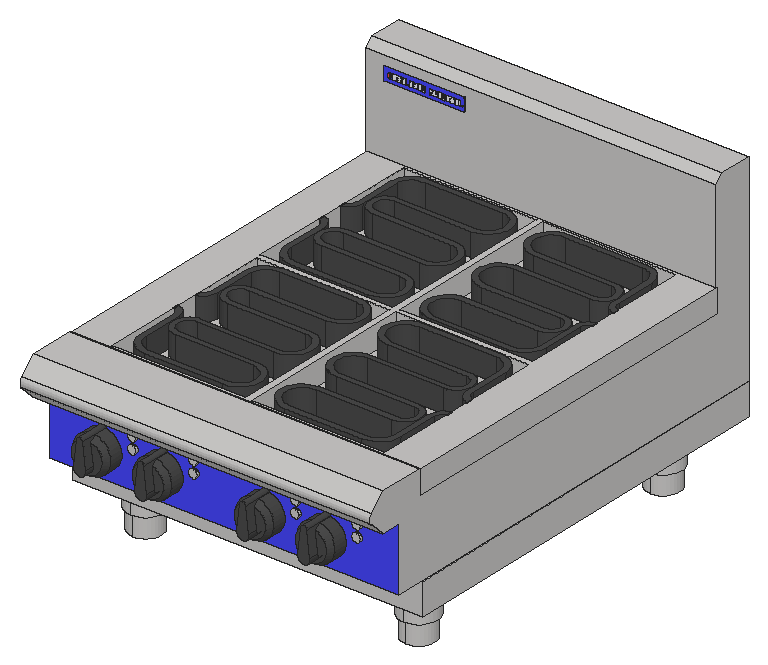
Revit family "QF_MOFFAT_BLUESEAL_CE_E514D-B", category Specialty Equipment, Revit 2012
Parameters
  Width [instance] = 600.0 mm  # constant formula
  Weight in Pounds = 162  # constant formula
  Watts = 9600 W
  Volts = 400 V
  URL Cutsheet = "www.moffat.com"
  URL = "www.moffat.com"
  Type Mark [instance] = ""
  Status [instance] = ""
  Specification by User [instance] = ""
  Specification by Manufacturer = ""
  Show Logo [instance] = yes
  Serial Number = ""
  Seismic Rating = ""
  SMACNA No = ""
  Revision Code [instance] = ""
  Phase = 3
  Omniclass Number and Title = ""
  Number of Poles = 1
  NAFEM Spec ID Number = ""
  Model = "E514D-B"
  Min Ckt Ampacity = 0 A
  Max Overcurrent Protection = 0 A
  Masterspec = ""
  Manufacturer = "MOFFAT BLUESEAL"
  Item Number [instance] = ""
  Installed By [instance] = ""
  Identify Quantity as Lot [instance] = yes
  Height [instance] = 370.0 mm  # constant formula
  HP = ""
  Furnished By [instance] = ""
  Foodservice Equipment Identifier [instance] = yes
  FL Amps = 20 A
  Electrical Remarks = "20A PER PHASE"
  Elec Conn RI Height = 0.0 mm
  Elec Conn Connection Height = 0.0 mm
  Description = "600MM ELECTRIC COOK TOP BENCH MOUNT"
  Depth [instance] = 812.0 mm  # constant formula
  Cycle = 50 Hz
  Conn Plug = ""
  Conn Conduit = yes
  CSI MasterFormat = ""
  CSI Master Format = ""
  Base Height [instance] = 85.0 mm
  Apparent Power = if(Phase = 3, Volts * FL Amps * 1.73, Volts * FL Amps)  # 13840 VA
Reference planes
  plane 1 "BACK": y = 0
  plane 2: z = 0
  plane 3 "LEFT": x = 0
  plane 4 "RIGHT": x = 600
  plane 5 "FRONT": y = -812
  plane 6 "TOP": z = 375
  plane 7 "Center Y": x = 300
  plane 8 "Center X": y = -406
  plane 9 "Base Height": z = 85
  plane 10: z = 485
  plane 11: y = -100
  plane 12: y = -625
Forms (mm)
  Extrusion 1, solid, material "QF_Finishes_Stainless Steel"
    sketch origin (0, 0, 0) x (0, 1, 0) y (0, 0, 1)
      loop
        line (0, 140) -> (0, 485) -> (-57.5, 485) -> (-70, 472.5) -> (-70, 275) -> (-705, 275) -> (-705, 315) -> (-783.97, 315) -> (-808.485, 290.485)
        arc (-808.485, 290.485) -> (-811.999, 282) -> (-808.485, 273.515) r 12
        line (-808.485, 273.515) -> (-784.97, 250) -> (-749, 250) -> (-749, 140) -> (0, 140)
      loop
        line (0, 85) -> (0, 139.206) -> (-699, 139.206) -> (-699, 85) -> (0, 85)
    from 0 to 600
  Revolve 2, solid, material "QF_Finishes_Stainless Steel"
    sketch origin (534.5, -210, 0) x (0, 1, 0) y (0, 0, -1)
      loop
        line (78.25, -85) -> (110, -85) -> (110, 0) -> (82.5, 0) -> (82.5, -35) -> (78.25, -35) -> (78.25, -85)
      axis (110, -85) -> (110, 0)
    angle from 0 to 360
  Revolve 3, solid, material "QF_Finishes_Stainless Steel"
    sketch origin (65.5, -210, 0) x (0, 1, 0) y (0, 0, 1)
      loop
        line (78.25, 85) -> (78.25, 35) -> (82.5, 35) -> (82.5, 0) -> (110, 0) -> (110, 85) -> (78.25, 85)
      axis (110, 85) -> (110, 0)
    angle from 0 to 360
  Extrusion 4, void
    sketch origin (0, -706, 139.206) x (0, 1, 0) y (-1, 0, 0)
      loop
        circle (674, -470) r 13.5
    from 0 to -86.704
  Revolve 5, solid, material "QF_Finishes_Black"
    sketch origin (98.995, 7, -7.2) x (0, 1, 0) y (0, 0, -1)
      loop
        line (-789, -234.5) -> (-766, -234.5) -> (-766, -207) -> (-756, -207) -> (-756, -202) -> (-800, -202) -> (-800, -228.651) -> (-789, -234.5)
      axis (-800, -202) -> (-756, -202)
    angle from 0 to 360
  Extrusion 6, solid, material "QF_Finishes_Black"
    sketch origin (237.265, 0, -7.042) x (-1, 0, 0) y (0, 0, -1)
      loop
        line (143.268, -233.955) -> (148.757, -189.87)
        arc (148.757, -189.87) -> (137.685, -179.371) -> (127.85, -191.037) r 10.487
        line (127.85, -191.037) -> (133.271, -233.955)
        arc (133.271, -233.955) -> (138.27, -238.842) -> (143.268, -233.955) r 5
    from 759 to 808
  Revolve 7, solid, material "QF_Finishes_Stainless Steel"
    sketch origin (534.5, -728, 0) x (0, 1, 0) y (0, 0, -1)
      loop
        line (71.25, -85) -> (103, -85) -> (103, 0) -> (75.5, 0) -> (75.5, -35) -> (71.25, -35) -> (71.25, -85)
      axis (103, -85) -> (103, 0)
    angle from 0 to 360
  Revolve 8, solid, material "QF_Finishes_Stainless Steel"
    sketch origin (65.5, -728, 0) x (0, 1, 0) y (0, 0, 1)
      loop
        line (71.25, 85) -> (71.25, 35) -> (75.5, 35) -> (75.5, 0) -> (103, 0) -> (103, 85) -> (71.25, 85)
      axis (103, 85) -> (103, 0)
    angle from 0 to 360
  Extrusion 9, solid, material "QF_Finishes_Stainless Steel"
    sketch origin (0, -706, 139.206) x (0, 1, 0) y (-1, 0, 0)
      loop
        circle (675, -469.75) r 6.35
    from 0 to -24.206
  Extrusion 10, solid, material "QF_Finishes_Stainless Steel"
    sketch origin (-35, -749, 250) x (0, 0, -1) y (1, 0, 0)
      loop
        circle (45.2, 179) r 7.15
      loop
        circle (25.2, 179) r 7.15
    from 0 to 3.2
  Revolve 11, solid, material "QF_Finishes_Black"
    sketch origin (203.995, 7, -7.2) x (0, 1, 0) y (0, 0, -1)
      loop
        line (-789, -234.5) -> (-766, -234.5) -> (-766, -207) -> (-756, -207) -> (-756, -202) -> (-800, -202) -> (-800, -228.651) -> (-789, -234.5)
      axis (-800, -202) -> (-756, -202)
    angle from 0 to 360
  Extrusion 12, solid, material "QF_Finishes_Black"
    sketch origin (342.265, 0, -7.042) x (-1, 0, 0) y (0, 0, -1)
      loop
        line (143.268, -233.955) -> (148.757, -189.87)
        arc (148.757, -189.87) -> (137.685, -179.371) -> (127.85, -191.037) r 10.487
        line (127.85, -191.037) -> (133.271, -233.955)
        arc (133.271, -233.955) -> (138.27, -238.842) -> (143.268, -233.955) r 5
    from 759 to 808
  Extrusion 13, solid, material "QF_Finishes_Stainless Steel"
    sketch origin (70, -749, 250) x (0, 0, -1) y (1, 0, 0)
      loop
        circle (45.2, 179) r 7.15
      loop
        circle (25.2, 179) r 7.15
    from 0 to 3.2
  Revolve 14, solid, material "QF_Finishes_Black"
    sketch origin (378.995, 7, -7.2) x (0, 1, 0) y (0, 0, -1)
      loop
        line (-789, -234.5) -> (-766, -234.5) -> (-766, -207) -> (-756, -207) -> (-756, -202) -> (-800, -202) -> (-800, -228.651) -> (-789, -234.5)
      axis (-800, -202) -> (-756, -202)
    angle from 0 to 360
  Extrusion 15, solid, material "QF_Finishes_Black"
    sketch origin (517.265, 0, -7.042) x (-1, 0, 0) y (0, 0, -1)
      loop
        line (143.268, -233.955) -> (148.757, -189.87)
        arc (148.757, -189.87) -> (137.685, -179.371) -> (127.85, -191.037) r 10.487
        line (127.85, -191.037) -> (133.271, -233.955)
        arc (133.271, -233.955) -> (138.27, -238.842) -> (143.268, -233.955) r 5
    from 759 to 808
  Extrusion 16, solid, material "QF_Finishes_Stainless Steel"
    sketch origin (245, -749, 250) x (0, 0, -1) y (1, 0, 0)
      loop
        circle (45.2, 179) r 7.15
      loop
        circle (25.2, 179) r 7.15
    from 0 to 3.2
  Revolve 17, solid, material "QF_Finishes_Black"
    sketch origin (483.995, 7, -7.2) x (0, 1, 0) y (0, 0, -1)
      loop
        line (-789, -234.5) -> (-766, -234.5) -> (-766, -207) -> (-756, -207) -> (-756, -202) -> (-800, -202) -> (-800, -228.651) -> (-789, -234.5)
      axis (-800, -202) -> (-756, -202)
    angle from 0 to 360
  Extrusion 18, solid, material "QF_Finishes_Black"
    sketch origin (622.265, 0, -7.042) x (-1, 0, 0) y (0, 0, -1)
      loop
        line (143.268, -233.955) -> (148.757, -189.87)
        arc (148.757, -189.87) -> (137.685, -179.371) -> (127.85, -191.037) r 10.487
        line (127.85, -191.037) -> (133.271, -233.955)
        arc (133.271, -233.955) -> (138.27, -238.842) -> (143.268, -233.955) r 5
    from 759 to 808
  Extrusion 19, solid, material "QF_Finishes_Stainless Steel"
    sketch origin (350, -749, 250) x (0, 0, -1) y (1, 0, 0)
      loop
        circle (45.2, 179) r 7.15
      loop
        circle (25.2, 179) r 7.15
    from 0 to 3.2
Cuts and joins
  joined: Revolve 5, Extrusion 6
  Extrusion 4 cuts Extrusion 1
Lines and regions (mm)
  Split face 1
    outline origin (600, 0, 485) x (-1, 0, 0) y (0, -1, 0)
      loop
        arc (556, 18.385) -> (564.66, 23.385) -> (564.66, 33.385) r 10
        line (564.66, 33.385) -> (560.619, 40.385)
        arc (560.619, 40.385) -> (556.959, 44.045) -> (551.959, 45.385) r 10
        line (551.959, 45.385) -> (324, 45.385)
        arc (324, 45.385) -> (315.34, 40.385) -> (315.34, 30.385) r 10
        line (315.34, 30.385) -> (319.381, 23.385)
        arc (319.381, 23.385) -> (323.041, 19.725) -> (328.041, 18.385) r 10
        line (328.041, 18.385) -> (556, 18.385)
  Split face 2
    outline origin (600, 0, 485) x (-1, 0, 0) y (0, -1, 0)
      loop
        arc (276, 18.385) -> (284.66, 23.385) -> (284.66, 33.385) r 10
        line (284.66, 33.385) -> (280.619, 40.385)
        arc (280.619, 40.385) -> (276.959, 44.045) -> (271.959, 45.385) r 10
        line (271.959, 45.385) -> (44, 45.385)
        arc (44, 45.385) -> (35.34, 40.385) -> (35.34, 30.385) r 10
        line (35.34, 30.385) -> (39.381, 23.385)
        arc (39.381, 23.385) -> (43.041, 19.725) -> (48.041, 18.385) r 10
        line (48.041, 18.385) -> (276, 18.385)
  symbolic lines
    curve 1: line (0, -812, 0) -> (600, -812, 0)
    curve 2: line (0, 0, 0) -> (0, -812, 0)
    curve 3: line (600, 0, 0) -> (0, 0, 0)
    curve 4: line (600, -812, 0) -> (600, 0, 0)
    curve 5: line (0, -57.5, 0) -> (600, -57.5, 0)
    curve 6: line (48.041, -45.385, 0) -> (276, -45.385, 0)
    curve 7: arc (276, -45.385, 0) -> (284.66, -40.385, 0) -> (284.66, -30.385, 0) r 10
    curve 8: line (284.66, -30.385, 0) -> (280.619, -23.385, 0)
    curve 9: arc (280.619, -23.385, 0) -> (276.959, -19.725, 0) -> (271.959, -18.385, 0) r 10
    curve 10: line (271.959, -18.385, 0) -> (44, -18.385, 0)
    curve 11: arc (44, -18.385, 0) -> (35.34, -23.385, 0) -> (35.34, -33.385, 0) r 10
    curve 12: line (35.34, -33.385, 0) -> (39.381, -40.385, 0)
    curve 13: arc (39.381, -40.385, 0) -> (43.041, -44.045, 0) -> (48.041, -45.385, 0) r 10
    curve 14: line (556, -45.385, 0) -> (328.041, -45.385, 0)
    curve 15: arc (328.041, -45.385, 0) -> (323.041, -44.045, 0) -> (319.381, -40.385, 0) r 10
    curve 16: line (319.381, -40.385, 0) -> (315.34, -33.385, 0)
    curve 17: arc (315.34, -33.385, 0) -> (315.34, -23.385, 0) -> (324, -18.385, 0) r 10
    curve 18: line (324, -18.385, 0) -> (551.959, -18.385, 0)
    curve 19: arc (551.959, -18.385, 0) -> (556.959, -19.725, 0) -> (560.619, -23.385, 0) r 10
    curve 20: line (560.619, -23.385, 0) -> (564.66, -30.385, 0)
    curve 21: arc (564.66, -30.385, 0) -> (564.66, -40.385, 0) -> (556, -45.385, 0) r 10
    curve 22: line (0, -70, 0) -> (600, -70, 0)
    curve 23: line (0, -783.97, 0) -> (600, -783.97, 0)
Dimensions and locks
  equal spacing: plane 3 "LEFT", plane 7 "Center Y", plane 4 "RIGHT"
  "Width": plane 3 "LEFT" to plane 4 "RIGHT"
  equal spacing: plane 5 "FRONT", plane 8 "Center X", plane 1 "BACK"
  "Depth": plane 5 "FRONT" to plane 1 "BACK"
  "Base Height": plane 9 "Base Height" to level
  locked: plane 6 "TOP" to plane 9 "Base Height" at 290
  plane 6 "TOP" to level = 375.0 mm
  locked: plane 10 to plane 2 at 485
  Extrusion 9 sketch curve to plane 1 "BACK" = 31.0 mm
  cut or joined group of Extrusion 1, Extrusion 4 to plane 2 = 315.0 mm
  aligned and locked: level to plane 2
  aligned and locked: Revolve 3 sketch curve to plane 9 "Base Height"
Automatic sketch dimensions
  curve 1 to plane 3 "LEFT" = 0.0 mm
  curve 5 to plane 4 "RIGHT" = 0.0 mm
  plane 5 "FRONT" to curve 1 = 0.0 mm
  plane 1 "BACK" to curve 4 = 0.0 mm
  plane 3 "LEFT" to curve 11 = 35.34 mm
  curve 12 to curve 13 = 4.041 mm
  curve 11 to curve 11 = 8.66 mm
  curve 12 to curve 13 = 8.66 mm
  curve 10 to plane 7 "Center Y" = 28.041 mm
  curve 9 to curve 7 = 4.041 mm
  curve 9 to curve 8 = 8.66 mm
  curve 8 to curve 8 = 4.041 mm
  plane 7 "Center Y" to curve 16 = 15.34 mm
  curve 16 to curve 16 = 4.041 mm
  curve 17 to curve 17 = 8.66 mm
  curve 16 to curve 14 = 8.66 mm
  plane 1 "BACK" to curve 19 = 18.385 mm
  plane 4 "RIGHT" to curve 19 = 48.041 mm
  curve 19 to curve 21 = 4.041 mm
  curve 19 to curve 19 = 8.66 mm
  curve 19 to curve 20 = 4.041 mm
  curve 23 to plane 5 "FRONT" = 28.03 mm
  plane 11 to curve 22 = 30.0 mm
  curve 22 to curve 5 = 12.5 mm
  plane 1 "BACK" to curve 6 = 45.385 mm
  curve 14 to curve 18 = 27.0 mm
  curve 6 to curve 12 = 5.0 mm
  curve 14 to curve 15 = 5.0 mm
  curve 6 to curve 7 = 10.0 mm
  curve 14 to curve 21 = 10.0 mm
  curve 13 to curve 12 = 7.0 mm
  curve 16 to curve 17 = 7.0 mm
  curve 7 to curve 9 = 7.0 mm
  curve 13 to curve 11 = 7.0 mm
  curve 21 to curve 19 = 7.0 mm
  Extrusion 1 sketch curve to plane 9 "Base Height" = 0.0 mm
  Extrusion 1 sketch curve to plane 10 = 0.0 mm
  Extrusion 1 sketch curve to plane 1 "BACK" = 0.0 mm  (x2)
  plane 11 to Extrusion 1 sketch curve = 42.5 mm
  Extrusion 1 sketch curve to plane 10 = 12.5 mm
  Extrusion 1 sketch curve to Extrusion 1 sketch curve = 12.5 mm
  Extrusion 1 sketch curve to plane 12 = 74.0 mm
  Extrusion 1 sketch curve to plane 12 = 80.0 mm
  Extrusion 1 sketch curve to Extrusion 1 sketch curve = 44.0 mm
  Extrusion 1 sketch curve to plane 5 "FRONT" = 28.03 mm
  Extrusion 1 sketch curve to plane 5 "FRONT" = 27.03 mm
  Extrusion 1 sketch curve to plane 5 "FRONT" = 12.001 mm
  Extrusion 1 sketch curve to plane 5 "FRONT" = 3.515 mm  (x2)
  plane 9 "Base Height" to Extrusion 1 sketch curve = 54.206 mm
  Extrusion 1 sketch curve to Extrusion 1 sketch curve = 0.794 mm
  Extrusion 1 sketch curve to Extrusion 1 sketch curve = 110.0 mm
  Extrusion 1 sketch curve to Extrusion 1 sketch curve = 23.515 mm
  Extrusion 1 sketch curve to Extrusion 1 sketch curve = 25.0 mm
  Extrusion 1 sketch curve to Extrusion 1 sketch curve = 8.485 mm
  Extrusion 1 sketch curve to Extrusion 1 sketch curve = 24.515 mm
  Revolve 2 sketch curve to plane 9 "Base Height" = 0.0 mm
  Revolve 2 sketch curve to level = 0.0 mm
  Revolve 2 sketch curve to plane 11 = 0.0 mm  (x2)
  Revolve 2 sketch curve to plane 11 = 27.5 mm
  Revolve 2 sketch curve to plane 11 = 31.75 mm
  Revolve 2 sketch curve to Revolve 2 sketch curve = 30.0 mm
  Revolve 2 sketch curve to Revolve 2 sketch curve = 20.0 mm
  Revolve 2 sketch curve to Revolve 2 sketch curve = 55.0 mm
  Revolve 3 sketch curve to level = 0.0 mm
  Revolve 3 sketch curve to plane 11 = 0.0 mm  (x2)
  Revolve 3 sketch curve to Revolve 3 sketch curve = 27.5 mm
  Revolve 3 sketch curve to Revolve 3 sketch curve = 31.75 mm
  Revolve 3 sketch curve to Revolve 3 sketch curve = 55.0 mm
  level to Revolve 3 sketch curve = 35.0 mm
  Revolve 3 sketch curve to plane 9 "Base Height" = 30.0 mm
  Extrusion 1 to Extrusion 4 sketch curve = 32.0 mm
  Extrusion 1 to Extrusion 4 sketch curve = 130.0 mm
  Revolve 5 sketch curve to plane 5 "FRONT" = 19.0 mm
  Revolve 5 sketch curve to Revolve 5 sketch curve = 0.0 mm  (x2)
  Revolve 5 sketch curve to Revolve 5 sketch curve = 11.0 mm
  Revolve 5 sketch curve to Revolve 5 sketch curve = 12.7 mm
  Revolve 5 sketch curve to Revolve 5 sketch curve = 23.0 mm
  Revolve 5 sketch curve to Revolve 5 sketch curve = 10.0 mm
  plane 9 "Base Height" to Revolve 5 sketch curve = 142.3 mm
  Revolve 5 sketch curve to Revolve 5 sketch curve = 5.849 mm
  Revolve 5 sketch curve to Revolve 5 sketch curve = 27.5 mm
  Revolve 5 sketch curve to Revolve 5 sketch curve = 5.0 mm
  plane 3 "LEFT" to Extrusion 6 sketch curve = 109.415 mm
  Extrusion 6 sketch curve to Extrusion 6 sketch curve = 5.421 mm
  Extrusion 6 sketch curve to Extrusion 6 sketch curve = 4.999 mm  (x2)
  Extrusion 6 sketch curve to Extrusion 6 sketch curve = 10.419 mm
  Extrusion 6 sketch curve to Extrusion 6 sketch curve = 10.487 mm
  plane 9 "Base Height" to Extrusion 6 sketch curve = 141.913 mm
  Extrusion 6 sketch curve to Extrusion 6 sketch curve = 0.113 mm
  Extrusion 6 sketch curve to Extrusion 6 sketch curve = 42.919 mm
  Extrusion 6 sketch curve to Extrusion 6 sketch curve = 1.167 mm
  Revolve 7 sketch curve to plane 9 "Base Height" = 0.0 mm
  Revolve 7 sketch curve to level = 0.0 mm
  Revolve 7 sketch curve to plane 12 = 0.0 mm  (x2)
  Revolve 7 sketch curve to plane 12 = 27.5 mm
  Revolve 7 sketch curve to Revolve 7 sketch curve = 31.75 mm
  Revolve 7 sketch curve to Revolve 7 sketch curve = 30.0 mm
  Revolve 7 sketch curve to Revolve 7 sketch curve = 20.0 mm
  Revolve 7 sketch curve to level = 55.0 mm
  Revolve 8 sketch curve to plane 9 "Base Height" = 0.0 mm
  Revolve 8 sketch curve to level = 0.0 mm
  Revolve 8 sketch curve to plane 12 = 0.0 mm  (x2)
  Revolve 8 sketch curve to Revolve 8 sketch curve = 27.5 mm
  Revolve 8 sketch curve to Revolve 8 sketch curve = 31.75 mm
  Revolve 8 sketch curve to level = 55.0 mm
  Revolve 8 sketch curve to Revolve 8 sketch curve = 35.0 mm
  Revolve 8 sketch curve to Revolve 8 sketch curve = 30.0 mm
  Extrusion 1 to Extrusion 9 sketch curve = 130.25 mm
  Split face 1 sketch curve to cut or joined group of Extrusion 1, Extrusion 4 = 27.115 mm
  Split face 1 sketch curve to cut or joined group of Extrusion 1, Extrusion 4 = 284.66 mm
  Split face 1 sketch curve to Split face 1 sketch curve = 4.041 mm  (x4)
  Split face 1 sketch curve to Split face 1 sketch curve = 8.66 mm  (x2)
  Split face 1 sketch curve to cut or joined group of Extrusion 1, Extrusion 4 = 12.115 mm
  Split face 1 sketch curve to cut or joined group of Extrusion 1, Extrusion 4 = 48.041 mm
  Split face 1 sketch curve to Split face 1 sketch curve = 7.0 mm  (x3)
  Split face 1 sketch curve to Split face 1 sketch curve = 17.0 mm
  Split face 2 sketch curve to cut or joined group of Extrusion 1, Extrusion 4 = 35.34 mm
  Split face 2 sketch curve to Split face 2 sketch curve = 4.041 mm  (x4)
  Split face 2 sketch curve to Split face 2 sketch curve = 8.66 mm  (x2)
  Split face 2 sketch curve to cut or joined group of Extrusion 1, Extrusion 4 = 12.115 mm
  Split face 2 sketch curve to Split face 2 sketch curve = 223.917 mm
  Split face 2 sketch curve to Split face 2 sketch curve = 5.0 mm
  Split face 2 sketch curve to Split face 2 sketch curve = 10.0 mm
  Split face 2 sketch curve to Split face 2 sketch curve = 7.0 mm  (x3)
  Extrusion 1 to Extrusion 10 sketch curve = 25.2 mm
  Extrusion 10 sketch curve to Extrusion 10 sketch curve = 20.0 mm
  Extrusion 1 to Extrusion 10 sketch curve = 144.0 mm
  Extrusion 10 sketch curve to Extrusion 10 sketch curve = 0.0 mm
  Revolve 11 sketch curve to plane 5 "FRONT" = 19.0 mm
  Revolve 11 sketch curve to Revolve 11 sketch curve = 0.0 mm  (x2)
  Revolve 11 sketch curve to Revolve 11 sketch curve = 11.0 mm
  Revolve 11 sketch curve to Revolve 11 sketch curve = 12.7 mm
  Revolve 11 sketch curve to Revolve 11 sketch curve = 23.0 mm
  Revolve 11 sketch curve to Revolve 11 sketch curve = 10.0 mm
  plane 9 "Base Height" to Revolve 11 sketch curve = 142.3 mm
  Revolve 11 sketch curve to Revolve 11 sketch curve = 5.849 mm
  Revolve 11 sketch curve to Revolve 11 sketch curve = 27.5 mm
  Revolve 11 sketch curve to Revolve 11 sketch curve = 5.0 mm
  Extrusion 12 sketch curve to plane 7 "Center Y" = 85.585 mm
  Extrusion 12 sketch curve to Extrusion 12 sketch curve = 5.421 mm
  Extrusion 12 sketch curve to Extrusion 12 sketch curve = 4.999 mm  (x2)
  Extrusion 12 sketch curve to Extrusion 12 sketch curve = 10.419 mm
  plane 9 "Base Height" to Extrusion 12 sketch curve = 97.828 mm
  Extrusion 12 sketch curve to Extrusion 12 sketch curve = 10.487 mm
  Extrusion 12 sketch curve to Extrusion 12 sketch curve = 1.167 mm
  Extrusion 12 sketch curve to Extrusion 12 sketch curve = 44.0 mm
  Extrusion 12 sketch curve to Extrusion 12 sketch curve = 0.113 mm
  Extrusion 1 to Extrusion 13 sketch curve = 25.2 mm
  Extrusion 13 sketch curve to Extrusion 13 sketch curve = 20.0 mm
  Extrusion 1 to Extrusion 13 sketch curve = 249.0 mm
  Extrusion 13 sketch curve to Extrusion 13 sketch curve = 0.0 mm
  Revolve 14 sketch curve to plane 5 "FRONT" = 19.0 mm
  Revolve 14 sketch curve to Revolve 14 sketch curve = 0.0 mm  (x2)
  Revolve 14 sketch curve to Revolve 14 sketch curve = 11.0 mm
  Revolve 14 sketch curve to Revolve 14 sketch curve = 12.7 mm
  Revolve 14 sketch curve to Revolve 14 sketch curve = 23.0 mm
  Revolve 14 sketch curve to Revolve 14 sketch curve = 10.0 mm
  plane 9 "Base Height" to Revolve 14 sketch curve = 142.3 mm
  Revolve 14 sketch curve to Revolve 14 sketch curve = 5.849 mm
  Revolve 14 sketch curve to Revolve 14 sketch curve = 27.5 mm
  Revolve 14 sketch curve to Revolve 14 sketch curve = 5.0 mm
  plane 7 "Center Y" to Extrusion 15 sketch curve = 89.415 mm
  Extrusion 15 sketch curve to Extrusion 15 sketch curve = 5.421 mm
  Extrusion 15 sketch curve to Extrusion 15 sketch curve = 4.999 mm  (x2)
  Extrusion 15 sketch curve to Extrusion 15 sketch curve = 10.419 mm
  Extrusion 15 sketch curve to Extrusion 15 sketch curve = 10.487 mm
  plane 9 "Base Height" to Extrusion 15 sketch curve = 141.913 mm
  Extrusion 15 sketch curve to Extrusion 15 sketch curve = 0.113 mm
  Extrusion 15 sketch curve to Extrusion 15 sketch curve = 42.919 mm
  Extrusion 15 sketch curve to Extrusion 15 sketch curve = 1.167 mm
  Extrusion 1 to Extrusion 16 sketch curve = 25.2 mm
  Extrusion 16 sketch curve to Extrusion 16 sketch curve = 20.0 mm
  Extrusion 1 to Extrusion 16 sketch curve = 176.0 mm
  Extrusion 16 sketch curve to Extrusion 16 sketch curve = 0.0 mm
  Revolve 17 sketch curve to plane 5 "FRONT" = 19.0 mm
  Revolve 17 sketch curve to Revolve 17 sketch curve = 0.0 mm  (x2)
  Revolve 17 sketch curve to Revolve 17 sketch curve = 11.0 mm
  Revolve 17 sketch curve to Revolve 17 sketch curve = 12.7 mm
  Revolve 17 sketch curve to Revolve 17 sketch curve = 23.0 mm
  Revolve 17 sketch curve to Revolve 17 sketch curve = 10.0 mm
  plane 9 "Base Height" to Revolve 17 sketch curve = 142.3 mm
  Revolve 17 sketch curve to Revolve 17 sketch curve = 5.849 mm
  Revolve 17 sketch curve to Revolve 17 sketch curve = 27.5 mm
  Revolve 17 sketch curve to Revolve 17 sketch curve = 5.0 mm
  plane 4 "RIGHT" to Extrusion 18 sketch curve = 105.585 mm
  Extrusion 18 sketch curve to Extrusion 18 sketch curve = 5.421 mm
  Extrusion 18 sketch curve to Extrusion 18 sketch curve = 4.999 mm  (x2)
  Extrusion 18 sketch curve to Extrusion 18 sketch curve = 10.419 mm
  plane 9 "Base Height" to Extrusion 18 sketch curve = 97.828 mm
  Extrusion 18 sketch curve to Extrusion 18 sketch curve = 10.487 mm
  Extrusion 18 sketch curve to Extrusion 18 sketch curve = 1.167 mm
  Extrusion 18 sketch curve to Extrusion 18 sketch curve = 44.0 mm
  Extrusion 18 sketch curve to Extrusion 18 sketch curve = 0.113 mm
  Extrusion 1 to Extrusion 19 sketch curve = 25.2 mm
  Extrusion 19 sketch curve to Extrusion 19 sketch curve = 20.0 mm
  Extrusion 1 to Extrusion 19 sketch curve = 71.0 mm
  Extrusion 19 sketch curve to Extrusion 19 sketch curve = 0.0 mm
  radius of Extrusion 4 sketch curve = 13.5 mm
  radius of Extrusion 9 sketch curve = 6.35 mm
  radius of Extrusion 10 sketch curve = 7.15 mm  (x2)
  radius of Extrusion 13 sketch curve = 7.15 mm  (x2)
  radius of Extrusion 16 sketch curve = 7.15 mm  (x2)
  radius of Extrusion 19 sketch curve = 7.15 mm  (x2)
Nested families
  nested 1: "WALDORF LOGO_FACE BASE" at (32, -70, 456.885) x (1, 0, 0) z (0, -1, 0), visible <- "Show Logo", type "WALDORF LOGO_FACE BASE", detail levels medium+fine
    with Show Logo yes
  nested 2: "ELECTRIC BURNER 600" at (2.329, -70, 275), type "ELECTRIC BURNER 600"
    with Type Mark "", Status "", Specification by User "", Revision Code "", Item Number "", Installed By "", Identify Quantity as Lot yes, Furnished By "", Foodservice Equipment Identifier yes
Connectors
  electrical at (469.75, -31, 115), driven by "Volts", driven by "Watts"
    settings: on Extrusion 9, index 1, voltage 400 V, apparent load 9600 VA, apparent load phase1 0 VA, apparent load phase2 0 VA, apparent load phase3 0 VA, power factor 1, load classification "Other", number of poles 1, system type 30, power factor state 1, is connector primary yes, connector utility no, sub classification motor no, connector description "ELECTRICAL CONNECTION"
Definition of nested family "WALDORF LOGO_FACE BASE"
  Parameters (values of type "WALDORF LOGO_FACE BASE")
    Show Logo [instance] = yes
    Default Elevation = 1219.2 mm
  Reference planes
    plane 1 "Center (Front/Back)": y = 0
    plane 2: z = 0
    plane 3 "Center (Left/Right)": x = 0
  Forms (mm)
    Extrusion 1, solid
      sketch origin (0, 0, 0) x (1, 0, 0) y (0, 1, 0)
        loop
          line (-1219.2, 1219.2) -> (-1219.2, -1219.2) -> (1219.2, -1219.2) -> (1219.2, 1219.2) -> (-1219.2, 1219.2)
      from 0 to -304.8
    Extrusion 2, solid, material "QF_Finishes_Blue", visible <- "Show Logo"
      sketch origin (0, -33.217, 0) x (1, 0, 0) y (0, 1, 0)
        loop
          arc (138, 31.942) -> (137.626, 32.844) -> (136.724, 33.217) r 1.276
          line (136.724, 33.217) -> (1.29, 33.217)
          arc (1.29, 33.217) -> (0.378, 32.839) -> (0, 31.927) r 1.29
          line (0, 31.927) -> (0, 11.507)
          arc (0, 11.507) -> (0.378, 10.595) -> (1.29, 10.217) r 1.29
          line (1.29, 10.217) -> (136.71, 10.217)
          arc (136.71, 10.217) -> (137.622, 10.595) -> (138, 11.507) r 1.29
          line (138, 11.507) -> (138, 31.942)
      from 0 to 1.588
    Extrusion 3, solid, material "QF_Finishes_White", visible <- "Show Logo"
      sketch origin (0, -33.217, 1.588) x (1, 0, 0) y (0, 1, 0)
        loop
          arc (108.946, 25.919) -> (107.613, 25.367) -> (107.061, 24.034) r 1.885
          line (107.061, 24.034) -> (107.061, 17.211) -> (112.704, 17.211) -> (112.704, 19.129) -> (115.546, 19.129) -> (115.546, 17.211) -> (121.584, 17.211) -> (121.584, 24.075)
          arc (121.584, 24.075) -> (121.043, 25.379) -> (119.739, 25.919) r 1.845
          line (119.739, 25.919) -> (108.946, 25.919)
        loop
          line (123.478, 25.919) -> (123.478, 17.163) -> (134.904, 17.163) -> (134.904, 19.129) -> (129.246, 19.129) -> (129.246, 25.919) -> (123.478, 25.919)
        loop
          line (112.704, 21.258) -> (115.546, 21.258) -> (115.546, 22.702)
          arc (115.546, 22.702) -> (115.344, 23.188) -> (114.858, 23.389) r 0.687
          line (114.858, 23.389) -> (113.363, 23.389)
          arc (113.363, 23.389) -> (112.897, 23.196) -> (112.704, 22.73) r 0.658
          line (112.704, 22.73) -> (112.704, 21.258)
        loop
          line (105.071, 25.919) -> (93.771, 25.919) -> (93.771, 17.163) -> (105.071, 17.163) -> (105.071, 19.063) -> (99.535, 19.063) -> (99.535, 20.437) -> (105.071, 20.437) -> (105.071, 22.278) -> (99.535, 22.278) -> (99.535, 23.587) -> (105.071, 23.587) -> (105.071, 25.919)
        loop
          line (91.104, 25.919) -> (79.541, 25.919)
          arc (79.541, 25.919) -> (78.558, 25.513) -> (78.152, 24.53) r 1.389
          line (78.152, 24.53) -> (78.152, 22.08)
          arc (78.152, 22.08) -> (78.558, 21.098) -> (79.541, 20.691) r 1.389
          line (79.541, 20.691) -> (86.346, 20.691) -> (86.346, 18.864) -> (83.266, 18.864) -> (83.266, 19.664) -> (78.152, 19.664) -> (78.152, 18.553)
          arc (78.152, 18.553) -> (78.558, 17.57) -> (79.541, 17.163) r 1.389
          line (79.541, 17.163) -> (91.063, 17.163)
          arc (91.063, 17.163) -> (92.045, 17.57) -> (92.452, 18.553) r 1.389
          line (92.452, 18.553) -> (92.452, 20.691)
          arc (92.452, 20.691) -> (92.045, 21.673) -> (91.063, 22.08) r 1.389
          line (91.063, 22.08) -> (83.266, 22.08) -> (83.266, 23.984) -> (86.346, 23.984) -> (86.346, 22.743) -> (92.452, 22.743) -> (92.452, 24.571)
          arc (92.452, 24.571) -> (92.057, 25.524) -> (91.104, 25.919) r 1.348
        loop
          line (70.705, 25.919) -> (59.405, 25.919) -> (59.405, 17.163) -> (70.705, 17.163) -> (70.705, 19.063) -> (65.169, 19.063) -> (65.169, 20.437) -> (70.705, 20.437) -> (70.705, 22.278) -> (65.169, 22.278) -> (65.169, 23.587) -> (70.705, 23.587) -> (70.705, 25.919)
        loop
          line (57.598, 25.919) -> (51.7, 25.919) -> (51.7, 20.18)
          arc (51.7, 20.18) -> (50.63, 19.11) -> (49.56, 20.18) r 1.07
          line (49.56, 20.18) -> (49.56, 25.919) -> (43.663, 25.919) -> (43.663, 19.049)
          arc (43.663, 19.049) -> (44.215, 17.716) -> (45.548, 17.163) r 1.885
          line (45.548, 17.163) -> (55.71, 17.163)
          arc (55.71, 17.163) -> (57.045, 17.716) -> (57.598, 19.051) r 1.887
          line (57.598, 19.051) -> (57.598, 25.919)
        loop
          line (31.62, 25.919) -> (31.62, 17.163) -> (43.046, 17.163) -> (43.046, 19.129) -> (37.388, 19.129) -> (37.388, 25.919) -> (31.62, 25.919)
        loop
          line (15.969, 25.919) -> (15.969, 17.163) -> (28.693, 17.163)
          arc (28.693, 17.163) -> (29.812, 17.627) -> (30.276, 18.746) r 1.582
          line (30.276, 18.746) -> (30.276, 20.447) -> (29.48, 21.243) -> (30.276, 22.039) -> (30.276, 24.332)
          arc (30.276, 24.332) -> (29.811, 25.454) -> (28.688, 25.919) r 1.587
          line (28.688, 25.919) -> (15.969, 25.919)
        loop
          line (21.449, 24.159) -> (21.449, 22.436) -> (23.862, 22.436)
          arc (23.862, 22.436) -> (24.723, 23.298) -> (23.862, 24.159) r 0.861
          line (23.862, 24.159) -> (21.449, 24.159)
        loop
          line (21.449, 20.244) -> (21.449, 18.522) -> (23.862, 18.522)
          arc (23.862, 18.522) -> (24.723, 19.383) -> (23.862, 20.244) r 0.861
          line (23.862, 20.244) -> (21.449, 20.244)
      from 0 to 0.2
    Extrusion 4, solid, material "QF_Finishes_Blue", visible <- "Show Logo"
      sketch origin (-126.498, -31.09, 1.588) x (1, 0, 0) y (0, 1, 0)
        loop
          line (136.738, 23.522) -> (136.738, 15.1)
          arc (136.738, 15.1) -> (140.756, 19.311) -> (136.738, 23.522) r 4.216
      from 0 to 0.2
    Extrusion 5, solid, material "QF_Finishes_Red", visible <- "Show Logo"
      sketch origin (146.849, -31.09, 1.588) x (-1, 0, 0) y (0, -1, 0)
        loop
          arc (136.738, -23.522) -> (140.756, -19.311) -> (136.738, -15.1) r 4.216
          line (136.738, -15.1) -> (136.738, -23.522)
      from 0 to 0.2
  Lines and regions (mm)
    Split face 1
      outline origin (-90.35, -30.793, 1.588) x (1, 0, 0) y (0, 1, 0)
        loop
          circle (100.54, 19.013) r 4.536
  Dimensions and locks
    aligned and locked: plane 2 to Extrusion 1
    aligned and locked: level to Extrusion 1
Definition of nested family "ELECTRIC BURNER 600"
  Parameters (values of type "ELECTRIC BURNER 600")
    Weight in Pounds = 0
    URL Cutsheet = ""
    Type Mark [instance] = ""
    Status [instance] = ""
    Specification by User [instance] = ""
    Specification by Manufacturer = ""
    Serial Number = ""
    Seismic Rating = ""
    SMACNA No = ""
    Revision Code [instance] = ""
    Omniclass Number and Title = ""
    NAFEM Spec ID Number = ""
    Masterspec = ""
    Item Number [instance] = ""
    Installed By [instance] = ""
    Identify Quantity as Lot [instance] = yes
    Furnished By [instance] = ""
    Foodservice Equipment Identifier [instance] = yes
    CSI MasterFormat = ""
    CSI Master Format = ""
  Reference planes
    plane 1 "BACK": y = 0
    plane 2: z = 0
    plane 3 "LEFT": x = 0
    plane 4 "RIGHT": x = 600
    plane 5 "FRONT": y = -635
    plane 6 "TOP": z = 142.5
    plane 7 "Center Y": x = 300
    plane 8 "Center X": y = -317.5
    plane 9: x = 65.8
  Forms (mm)
    Extrusion 1, solid, material "QF_Finishes_Stainless Steel"
      sketch origin (0, 1, 0) x (0, -1, 0) y (1, 0, 0)
        loop
          line (1, 0) -> (636, 0) -> (636, 600) -> (1, 600) -> (1, 0)
        loop
          line (631, 65.8) -> (631, 294.362) -> (321.251, 294.362) -> (321.251, 65.8) -> (631, 65.8)
        loop
          line (6, 294.362) -> (6, 65.8) -> (313.651, 65.8) -> (313.651, 294.362) -> (6, 294.362)
        loop
          line (6, 305.638) -> (313.651, 305.638) -> (313.651, 534.388) -> (6, 534.388) -> (6, 305.638)
        loop
          line (631, 534.388) -> (321.251, 534.388) -> (321.251, 305.638) -> (631, 305.638) -> (631, 534.388)
      from 0 to 40
    Extrusion 2, solid, material "QF_Finishes_Black"
      sketch origin (0, 15.7, 0) x (0, -1, 0) y (1, 0, 0)
        loop
          arc (156.993, 65.612) -> (148.172, 80.048) -> (132.304, 85.912) r 25.79
          line (132.304, 85.912) -> (61.096, 85.912)
          arc (61.096, 85.912) -> (42.545, 94.459) -> (35.45, 113.612) r 26.722
          line (35.45, 113.612) -> (35.45, 246.212)
          arc (35.45, 246.212) -> (63.15, 273.912) -> (90.85, 246.212) r 27.7
          line (90.85, 246.212) -> (90.85, 113.769)
          arc (90.85, 113.769) -> (118.55, 86.069) -> (146.25, 113.769) r 27.7
          line (146.25, 113.769) -> (146.25, 246.212)
          arc (146.25, 246.212) -> (173.95, 273.912) -> (201.65, 246.212) r 27.7
          line (201.65, 246.212) -> (201.65, 114.237)
          arc (201.65, 114.237) -> (229.35, 86.537) -> (257.05, 114.237) r 27.7
          line (257.05, 114.237) -> (257.05, 246.212)
          arc (257.05, 246.212) -> (284.75, 273.912) -> (312.45, 246.212) r 27.7
          line (312.45, 246.212) -> (312.45, 113.612)
          arc (312.45, 113.612) -> (305.355, 94.459) -> (286.804, 85.912) r 26.722
          line (286.804, 85.912) -> (215.596, 85.912)
          arc (215.596, 85.912) -> (199.705, 80.037) -> (190.819, 65.612) r 25.973
          line (190.819, 65.612) -> (201.232, 65.612)
          arc (201.232, 65.612) -> (206.91, 72.964) -> (215.719, 75.912) r 15.973
          line (215.719, 75.912) -> (286.986, 75.912)
          arc (286.986, 75.912) -> (312.551, 87.513) -> (322.45, 113.784) r 36.722
          line (322.45, 113.784) -> (322.45, 246.212)
          arc (322.45, 246.212) -> (284.75, 283.912) -> (247.05, 246.212) r 37.7
          line (247.05, 246.212) -> (247.05, 113.612)
          arc (247.05, 113.612) -> (229.35, 95.912) -> (211.65, 113.612) r 17.7
          line (211.65, 113.612) -> (211.65, 246.212)
          arc (211.65, 246.212) -> (173.95, 283.912) -> (136.25, 246.212) r 37.7
          line (136.25, 246.212) -> (136.25, 113.612)
          arc (136.25, 113.612) -> (118.55, 95.912) -> (100.85, 113.612) r 17.7
          line (100.85, 113.612) -> (100.85, 246.212)
          arc (100.85, 246.212) -> (63.15, 283.912) -> (25.45, 246.212) r 37.7
          line (25.45, 246.212) -> (25.45, 113.784)
          arc (25.45, 113.784) -> (35.349, 87.513) -> (60.914, 75.912) r 36.722
          line (60.914, 75.912) -> (132.193, 75.912)
          arc (132.193, 75.912) -> (140.976, 72.972) -> (146.6, 65.612) r 15.79
          line (146.6, 65.612) -> (156.993, 65.612)
        loop
          arc (469.581, 65.612) -> (460.695, 80.037) -> (444.804, 85.912) r 25.973
          line (444.804, 85.912) -> (373.596, 85.912)
          arc (373.596, 85.912) -> (355.045, 94.459) -> (347.95, 113.612) r 26.722
          line (347.95, 113.612) -> (347.95, 246.212)
          arc (347.95, 246.212) -> (375.65, 273.912) -> (403.35, 246.212) r 27.7
          line (403.35, 246.212) -> (403.35, 114.862)
          arc (403.35, 114.862) -> (431.05, 87.162) -> (458.75, 114.862) r 27.7
          line (458.75, 114.862) -> (458.75, 246.212)
          arc (458.75, 246.212) -> (486.45, 273.912) -> (514.15, 246.212) r 27.7
          line (514.15, 246.212) -> (514.15, 114.862)
          arc (514.15, 114.862) -> (541.85, 87.162) -> (569.55, 114.862) r 27.7
          line (569.55, 114.862) -> (569.55, 246.212)
          arc (569.55, 246.212) -> (597.25, 273.912) -> (624.95, 246.212) r 27.7
          line (624.95, 246.212) -> (624.95, 113.612)
          arc (624.95, 113.612) -> (617.855, 94.459) -> (599.304, 85.912) r 26.722
          line (599.304, 85.912) -> (528.096, 85.912)
          arc (528.096, 85.912) -> (511.987, 79.848) -> (503.282, 65) r 25.79
          line (503.282, 65) -> (513.588, 65)
          arc (513.588, 65) -> (519.162, 72.781) -> (528.207, 75.912) r 15.79
          line (528.207, 75.912) -> (599.486, 75.912)
          arc (599.486, 75.912) -> (625.051, 87.513) -> (634.95, 113.784) r 36.722
          line (634.95, 113.784) -> (634.95, 246.212)
          arc (634.95, 246.212) -> (597.25, 283.912) -> (559.55, 246.212) r 37.7
          line (559.55, 246.212) -> (559.55, 113.612)
          arc (559.55, 113.612) -> (541.85, 95.912) -> (524.15, 113.612) r 17.7
          line (524.15, 113.612) -> (524.15, 246.212)
          arc (524.15, 246.212) -> (486.45, 283.912) -> (448.75, 246.212) r 37.7
          line (448.75, 246.212) -> (448.75, 113.612)
          arc (448.75, 113.612) -> (431.05, 95.912) -> (413.35, 113.612) r 17.7
          line (413.35, 113.612) -> (413.35, 246.212)
          arc (413.35, 246.212) -> (375.65, 283.912) -> (337.95, 246.212) r 37.7
          line (337.95, 246.212) -> (337.95, 113.784)
          arc (337.95, 113.784) -> (347.849, 87.513) -> (373.414, 75.912) r 36.722
          line (373.414, 75.912) -> (444.681, 75.912)
          arc (444.681, 75.912) -> (453.49, 72.964) -> (459.168, 65.612) r 15.973
          line (459.168, 65.612) -> (469.581, 65.612)
        loop
          line (156.993, 534.388) -> (146.6, 534.388)
          arc (146.6, 534.388) -> (140.976, 527.028) -> (132.193, 524.088) r 15.79
          line (132.193, 524.088) -> (60.914, 524.088)
          arc (60.914, 524.088) -> (35.349, 512.487) -> (25.45, 486.216) r 36.722
          line (25.45, 486.216) -> (25.45, 353.788)
          arc (25.45, 353.788) -> (63.15, 316.088) -> (100.85, 353.788) r 37.7
          line (100.85, 353.788) -> (100.85, 486.388)
          arc (100.85, 486.388) -> (118.55, 504.088) -> (136.25, 486.388) r 17.7
          line (136.25, 486.388) -> (136.25, 353.788)
          arc (136.25, 353.788) -> (173.95, 316.088) -> (211.65, 353.788) r 37.7
          line (211.65, 353.788) -> (211.65, 486.388)
          arc (211.65, 486.388) -> (229.35, 504.088) -> (247.05, 486.388) r 17.7
          line (247.05, 486.388) -> (247.05, 353.788)
          arc (247.05, 353.788) -> (284.75, 316.088) -> (322.45, 353.788) r 37.7
          line (322.45, 353.788) -> (322.45, 486.216)
          arc (322.45, 486.216) -> (312.551, 512.487) -> (286.986, 524.088) r 36.722
          line (286.986, 524.088) -> (215.719, 524.088)
          arc (215.719, 524.088) -> (206.91, 527.036) -> (201.232, 534.388) r 15.973
          line (201.232, 534.388) -> (190.819, 534.388)
          arc (190.819, 534.388) -> (199.705, 519.963) -> (215.596, 514.088) r 25.973
          line (215.596, 514.088) -> (286.804, 514.088)
          arc (286.804, 514.088) -> (305.355, 505.541) -> (312.45, 486.388) r 26.722
          line (312.45, 486.388) -> (312.45, 353.788)
          arc (312.45, 353.788) -> (284.75, 326.088) -> (257.05, 353.788) r 27.7
          line (257.05, 353.788) -> (257.05, 485.763)
          arc (257.05, 485.763) -> (229.35, 513.463) -> (201.65, 485.763) r 27.7
          line (201.65, 485.763) -> (201.65, 353.788)
          arc (201.65, 353.788) -> (173.95, 326.088) -> (146.25, 353.788) r 27.7
          line (146.25, 353.788) -> (146.25, 486.231)
          arc (146.25, 486.231) -> (118.55, 513.931) -> (90.85, 486.231) r 27.7
          line (90.85, 486.231) -> (90.85, 353.788)
          arc (90.85, 353.788) -> (63.15, 326.088) -> (35.45, 353.788) r 27.7
          line (35.45, 353.788) -> (35.45, 486.388)
          arc (35.45, 486.388) -> (42.545, 505.541) -> (61.096, 514.088) r 26.722
          line (61.096, 514.088) -> (132.304, 514.088)
          arc (132.304, 514.088) -> (148.172, 519.952) -> (156.993, 534.388) r 25.79
        loop
          line (469.581, 534.388) -> (459.168, 534.388)
          arc (459.168, 534.388) -> (453.49, 527.036) -> (444.681, 524.088) r 15.973
          line (444.681, 524.088) -> (373.414, 524.088)
          arc (373.414, 524.088) -> (347.849, 512.487) -> (337.95, 486.216) r 36.722
          line (337.95, 486.216) -> (337.95, 353.788)
          arc (337.95, 353.788) -> (375.65, 316.088) -> (413.35, 353.788) r 37.7
          line (413.35, 353.788) -> (413.35, 486.388)
          arc (413.35, 486.388) -> (431.05, 504.088) -> (448.75, 486.388) r 17.7
          line (448.75, 486.388) -> (448.75, 353.788)
          arc (448.75, 353.788) -> (486.45, 316.088) -> (524.15, 353.788) r 37.7
          line (524.15, 353.788) -> (524.15, 486.388)
          arc (524.15, 486.388) -> (541.85, 504.088) -> (559.55, 486.388) r 17.7
          line (559.55, 486.388) -> (559.55, 353.788)
          arc (559.55, 353.788) -> (597.25, 316.088) -> (634.95, 353.788) r 37.7
          line (634.95, 353.788) -> (634.95, 486.216)
          arc (634.95, 486.216) -> (625.051, 512.487) -> (599.486, 524.088) r 36.722
          line (599.486, 524.088) -> (528.207, 524.088)
          arc (528.207, 524.088) -> (519.162, 527.219) -> (513.588, 535) r 15.79
          line (513.588, 535) -> (503.282, 535)
          arc (503.282, 535) -> (511.987, 520.152) -> (528.096, 514.088) r 25.79
          line (528.096, 514.088) -> (599.304, 514.088)
          arc (599.304, 514.088) -> (617.855, 505.541) -> (624.95, 486.388) r 26.722
          line (624.95, 486.388) -> (624.95, 353.788)
          arc (624.95, 353.788) -> (597.25, 326.088) -> (569.55, 353.788) r 27.7
          line (569.55, 353.788) -> (569.55, 485.138)
          arc (569.55, 485.138) -> (541.85, 512.838) -> (514.15, 485.138) r 27.7
          line (514.15, 485.138) -> (514.15, 353.788)
          arc (514.15, 353.788) -> (486.45, 326.088) -> (458.75, 353.788) r 27.7
          line (458.75, 353.788) -> (458.75, 485.138)
          arc (458.75, 485.138) -> (431.05, 512.838) -> (403.35, 485.138) r 27.7
          line (403.35, 485.138) -> (403.35, 353.788)
          arc (403.35, 353.788) -> (375.65, 326.088) -> (347.95, 353.788) r 27.7
          line (347.95, 353.788) -> (347.95, 486.388)
          arc (347.95, 486.388) -> (355.045, 505.541) -> (373.596, 514.088) r 26.722
          line (373.596, 514.088) -> (444.804, 514.088)
          arc (444.804, 514.088) -> (460.695, 519.963) -> (469.581, 534.388) r 25.973
      from 0 to 40
  Lines and regions (mm)
    symbolic lines
      curve 1: line (0, -635, 0) -> (600, -635, 0)
      curve 2: line (0, -635, 0) -> (65.8, -635, 0)
      curve 3: line (65.8, -635, 0) -> (65.8, -320.251, 0)
      curve 4: line (65.8, -320.251, 0) -> (294.362, -320.251, 0)
      curve 5: line (294.362, -634.701, 0) -> (305.638, -634.701, 0)
      curve 6: line (305.638, -320.251, 0) -> (534.388, -320.251, 0)
      curve 7: line (534.388, -320.251, 0) -> (534.388, -635, 0)
      curve 8: line (534.388, -635, 0) -> (600, -635, 0)
      curve 9: line (353.788, -19.75, 0) -> (486.388, -19.75, 0)
      curve 10: arc (486.388, -19.75, 0) -> (505.541, -26.845, 0) -> (514.088, -45.396, 0) r 26.722
      curve 11: line (514.088, -45.396, 0) -> (514.088, -116.604, 0)
      curve 12: arc (514.088, -116.604, 0) -> (519.952, -132.472, 0) -> (534.388, -141.293, 0) r 25.79
      curve 13: line (534.388, -141.293, 0) -> (534.388, -130.9, 0)
      curve 14: arc (534.388, -130.9, 0) -> (527.028, -125.276, 0) -> (524.088, -116.493, 0) r 15.79
      curve 15: line (524.088, -116.493, 0) -> (524.088, -45.214, 0)
      curve 16: arc (524.088, -45.214, 0) -> (512.487, -19.649, 0) -> (486.216, -9.75, 0) r 36.722
      curve 17: line (486.216, -9.75, 0) -> (353.788, -9.75, 0)
      curve 18: arc (353.788, -9.75, 0) -> (316.088, -47.45, 0) -> (353.788, -85.15, 0) r 37.7
      curve 19: line (353.788, -85.15, 0) -> (486.388, -85.15, 0)
      curve 20: arc (486.388, -85.15, 0) -> (504.088, -102.85, 0) -> (486.388, -120.55, 0) r 17.7
      curve 21: line (486.388, -120.55, 0) -> (353.788, -120.55, 0)
      curve 22: arc (353.788, -120.55, 0) -> (316.088, -158.25, 0) -> (353.788, -195.95, 0) r 37.7
      curve 23: line (353.788, -195.95, 0) -> (486.388, -195.95, 0)
      curve 24: arc (486.388, -195.95, 0) -> (504.088, -213.65, 0) -> (486.388, -231.35, 0) r 17.7
      curve 25: line (486.388, -231.35, 0) -> (353.788, -231.35, 0)
      curve 26: arc (353.788, -231.35, 0) -> (316.088, -269.05, 0) -> (353.788, -306.75, 0) r 37.7
      curve 27: line (353.788, -306.75, 0) -> (486.216, -306.75, 0)
      curve 28: arc (486.216, -306.75, 0) -> (512.487, -296.851, 0) -> (524.088, -271.286, 0) r 36.722
      curve 29: line (524.088, -271.286, 0) -> (524.088, -200.019, 0)
      curve 30: arc (524.088, -200.019, 0) -> (527.036, -191.21, 0) -> (534.388, -185.532, 0) r 15.973
      curve 31: line (534.388, -185.532, 0) -> (534.388, -175.119, 0)
      curve 32: arc (534.388, -175.119, 0) -> (519.963, -184.005, 0) -> (514.088, -199.896, 0) r 25.973
      curve 33: line (514.088, -199.896, 0) -> (514.088, -271.104, 0)
      curve 34: arc (514.088, -271.104, 0) -> (505.541, -289.655, 0) -> (486.388, -296.75, 0) r 26.722
      curve 35: line (486.388, -296.75, 0) -> (353.788, -296.75, 0)
      curve 36: arc (353.788, -296.75, 0) -> (326.088, -269.05, 0) -> (353.788, -241.35, 0) r 27.7
      curve 37: line (353.788, -241.35, 0) -> (485.763, -241.35, 0)
      curve 38: arc (485.763, -241.35, 0) -> (513.463, -213.65, 0) -> (485.763, -185.95, 0) r 27.7
      curve 39: line (485.763, -185.95, 0) -> (353.788, -185.95, 0)
      curve 40: arc (353.788, -185.95, 0) -> (326.088, -158.25, 0) -> (353.788, -130.55, 0) r 27.7
      curve 41: line (353.788, -130.55, 0) -> (486.231, -130.55, 0)
      curve 42: arc (486.231, -130.55, 0) -> (513.931, -102.85, 0) -> (486.231, -75.15, 0) r 27.7
      curve 43: line (486.231, -75.15, 0) -> (353.788, -75.15, 0)
      curve 44: arc (353.788, -75.15, 0) -> (326.088, -47.45, 0) -> (353.788, -19.75, 0) r 27.7
      curve 45: line (113.612, -19.75, 0) -> (246.212, -19.75, 0)
      curve 46: arc (246.212, -19.75, 0) -> (273.912, -47.45, 0) -> (246.212, -75.15, 0) r 27.7
      curve 47: line (246.212, -75.15, 0) -> (113.769, -75.15, 0)
      curve 48: arc (113.769, -75.15, 0) -> (86.069, -102.85, 0) -> (113.769, -130.55, 0) r 27.7
      curve 49: line (113.769, -130.55, 0) -> (246.212, -130.55, 0)
      curve 50: arc (246.212, -130.55, 0) -> (273.912, -158.25, 0) -> (246.212, -185.95, 0) r 27.7
      curve 51: line (246.212, -185.95, 0) -> (114.237, -185.95, 0)
      curve 52: arc (114.237, -185.95, 0) -> (86.537, -213.65, 0) -> (114.237, -241.35, 0) r 27.7
      curve 53: line (114.237, -241.35, 0) -> (246.212, -241.35, 0)
      curve 54: arc (246.212, -241.35, 0) -> (273.912, -269.05, 0) -> (246.212, -296.75, 0) r 27.7
      curve 55: line (246.212, -296.75, 0) -> (113.612, -296.75, 0)
      curve 56: arc (113.612, -296.75, 0) -> (94.459, -289.655, 0) -> (85.912, -271.104, 0) r 26.722
      curve 57: line (85.912, -271.104, 0) -> (85.912, -199.896, 0)
      curve 58: arc (85.912, -199.896, 0) -> (80.037, -184.005, 0) -> (65.612, -175.119, 0) r 25.973
      curve 59: line (65.612, -175.119, 0) -> (65.612, -185.532, 0)
      curve 60: arc (65.612, -185.532, 0) -> (72.964, -191.21, 0) -> (75.912, -200.019, 0) r 15.973
      curve 61: line (75.912, -200.019, 0) -> (75.912, -271.286, 0)
      curve 62: arc (75.912, -271.286, 0) -> (87.513, -296.851, 0) -> (113.784, -306.75, 0) r 36.722
      curve 63: line (113.784, -306.75, 0) -> (246.212, -306.75, 0)
      curve 64: arc (246.212, -306.75, 0) -> (283.912, -269.05, 0) -> (246.212, -231.35, 0) r 37.7
      curve 65: line (246.212, -231.35, 0) -> (113.612, -231.35, 0)
      curve 66: arc (113.612, -231.35, 0) -> (95.912, -213.65, 0) -> (113.612, -195.95, 0) r 17.7
      curve 67: line (113.612, -195.95, 0) -> (246.212, -195.95, 0)
      curve 68: arc (246.212, -195.95, 0) -> (283.912, -158.25, 0) -> (246.212, -120.55, 0) r 37.7
      curve 69: line (246.212, -120.55, 0) -> (113.612, -120.55, 0)
      curve 70: arc (113.612, -120.55, 0) -> (95.912, -102.85, 0) -> (113.612, -85.15, 0) r 17.7
      curve 71: line (113.612, -85.15, 0) -> (246.212, -85.15, 0)
      curve 72: arc (246.212, -85.15, 0) -> (283.912, -47.45, 0) -> (246.212, -9.75, 0) r 37.7
      curve 73: line (246.212, -9.75, 0) -> (113.784, -9.75, 0)
      curve 74: arc (113.784, -9.75, 0) -> (87.513, -19.649, 0) -> (75.912, -45.214, 0) r 36.722
      curve 75: line (75.912, -45.214, 0) -> (75.912, -116.493, 0)
      curve 76: arc (75.912, -116.493, 0) -> (72.972, -125.276, 0) -> (65.612, -130.9, 0) r 15.79
      curve 77: line (65.612, -130.9, 0) -> (65.612, -141.293, 0)
      curve 78: arc (65.612, -141.293, 0) -> (80.048, -132.472, 0) -> (85.912, -116.604, 0) r 25.79
      curve 79: line (85.912, -116.604, 0) -> (85.912, -45.396, 0)
      curve 80: arc (85.912, -45.396, 0) -> (94.459, -26.845, 0) -> (113.612, -19.75, 0) r 26.722
      curve 81: line (246.212, -387.65, 0) -> (114.862, -387.65, 0)
      curve 82: arc (114.862, -387.65, 0) -> (87.162, -415.35, 0) -> (114.862, -443.05, 0) r 27.7
      curve 83: line (114.862, -443.05, 0) -> (246.212, -443.05, 0)
      curve 84: arc (246.212, -443.05, 0) -> (273.912, -470.75, 0) -> (246.212, -498.45, 0) r 27.7
      curve 85: line (246.212, -498.45, 0) -> (114.862, -498.45, 0)
      curve 86: arc (114.862, -498.45, 0) -> (87.162, -526.15, 0) -> (114.862, -553.85, 0) r 27.7
      curve 87: line (114.862, -553.85, 0) -> (246.212, -553.85, 0)
      curve 88: arc (246.212, -553.85, 0) -> (273.912, -581.55, 0) -> (246.212, -609.25, 0) r 27.7
      curve 89: line (246.212, -609.25, 0) -> (113.612, -609.25, 0)
      curve 90: arc (113.612, -609.25, 0) -> (94.459, -602.155, 0) -> (85.912, -583.604, 0) r 26.722
      curve 91: line (85.912, -583.604, 0) -> (85.912, -512.396, 0)
      curve 92: arc (85.912, -512.396, 0) -> (79.848, -496.287, 0) -> (65, -487.582, 0) r 25.79
      curve 93: line (65, -487.582, 0) -> (65, -497.888, 0)
      curve 94: arc (65, -497.888, 0) -> (72.781, -503.462, 0) -> (75.912, -512.507, 0) r 15.79
      curve 95: line (75.912, -512.507, 0) -> (75.912, -583.786, 0)
      curve 96: arc (75.912, -583.786, 0) -> (87.513, -609.351, 0) -> (113.784, -619.25, 0) r 36.722
      curve 97: line (113.784, -619.25, 0) -> (246.212, -619.25, 0)
      curve 98: arc (246.212, -619.25, 0) -> (283.912, -581.55, 0) -> (246.212, -543.85, 0) r 37.7
      curve 99: line (246.212, -543.85, 0) -> (113.612, -543.85, 0)
      curve 100: arc (113.612, -543.85, 0) -> (95.912, -526.15, 0) -> (113.612, -508.45, 0) r 17.7
      curve 101: line (113.612, -508.45, 0) -> (246.212, -508.45, 0)
      curve 102: arc (246.212, -508.45, 0) -> (283.912, -470.75, 0) -> (246.212, -433.05, 0) r 37.7
      curve 103: line (246.212, -433.05, 0) -> (113.612, -433.05, 0)
      curve 104: arc (113.612, -433.05, 0) -> (95.912, -415.35, 0) -> (113.612, -397.65, 0) r 17.7
      curve 105: line (113.612, -397.65, 0) -> (246.212, -397.65, 0)
      curve 106: arc (246.212, -397.65, 0) -> (283.912, -359.95, 0) -> (246.212, -322.25, 0) r 37.7
      curve 107: line (246.212, -322.25, 0) -> (113.784, -322.25, 0)
      curve 108: arc (113.784, -322.25, 0) -> (87.513, -332.149, 0) -> (75.912, -357.714, 0) r 36.722
      curve 109: line (75.912, -357.714, 0) -> (75.912, -428.981, 0)
      curve 110: arc (75.912, -428.981, 0) -> (72.964, -437.79, 0) -> (65.612, -443.468, 0) r 15.973
      curve 111: line (65.612, -443.468, 0) -> (65.612, -453.881, 0)
      curve 112: arc (65.612, -453.881, 0) -> (80.037, -444.995, 0) -> (85.912, -429.104, 0) r 25.973
      curve 113: line (85.912, -429.104, 0) -> (85.912, -357.896, 0)
      curve 114: arc (85.912, -357.896, 0) -> (94.459, -339.345, 0) -> (113.612, -332.25, 0) r 26.722
      curve 115: line (113.612, -332.25, 0) -> (246.212, -332.25, 0)
      curve 116: arc (246.212, -332.25, 0) -> (273.912, -359.95, 0) -> (246.212, -387.65, 0) r 27.7
      curve 117: line (353.788, -397.65, 0) -> (486.388, -397.65, 0)
      curve 118: arc (486.388, -397.65, 0) -> (504.088, -415.35, 0) -> (486.388, -433.05, 0) r 17.7
      curve 119: line (486.388, -433.05, 0) -> (353.788, -433.05, 0)
      curve 120: arc (353.788, -433.05, 0) -> (316.088, -470.75, 0) -> (353.788, -508.45, 0) r 37.7
      curve 121: line (353.788, -508.45, 0) -> (486.388, -508.45, 0)
      curve 122: arc (486.388, -508.45, 0) -> (504.088, -526.15, 0) -> (486.388, -543.85, 0) r 17.7
      curve 123: line (486.388, -543.85, 0) -> (353.788, -543.85, 0)
      curve 124: arc (353.788, -543.85, 0) -> (316.088, -581.55, 0) -> (353.788, -619.25, 0) r 37.7
      curve 125: line (353.788, -619.25, 0) -> (486.216, -619.25, 0)
      curve 126: arc (486.216, -619.25, 0) -> (512.487, -609.351, 0) -> (524.088, -583.786, 0) r 36.722
      curve 127: line (524.088, -583.786, 0) -> (524.088, -512.507, 0)
      curve 128: arc (524.088, -512.507, 0) -> (527.219, -503.462, 0) -> (535, -497.888, 0) r 15.79
      curve 129: line (535, -497.888, 0) -> (535, -487.582, 0)
      curve 130: arc (535, -487.582, 0) -> (520.152, -496.287, 0) -> (514.088, -512.396, 0) r 25.79
      curve 131: line (514.088, -512.396, 0) -> (514.088, -583.604, 0)
      curve 132: arc (514.088, -583.604, 0) -> (505.541, -602.155, 0) -> (486.388, -609.25, 0) r 26.722
      curve 133: line (486.388, -609.25, 0) -> (353.788, -609.25, 0)
      curve 134: arc (353.788, -609.25, 0) -> (326.088, -581.55, 0) -> (353.788, -553.85, 0) r 27.7
      curve 135: line (353.788, -553.85, 0) -> (485.138, -553.85, 0)
      curve 136: arc (485.138, -553.85, 0) -> (512.838, -526.15, 0) -> (485.138, -498.45, 0) r 27.7
      curve 137: line (485.138, -498.45, 0) -> (353.788, -498.45, 0)
      curve 138: arc (353.788, -498.45, 0) -> (326.088, -470.75, 0) -> (353.788, -443.05, 0) r 27.7
      curve 139: line (353.788, -443.05, 0) -> (485.138, -443.05, 0)
      curve 140: arc (485.138, -443.05, 0) -> (512.838, -415.35, 0) -> (485.138, -387.65, 0) r 27.7
      curve 141: line (485.138, -387.65, 0) -> (353.788, -387.65, 0)
      curve 142: arc (353.788, -387.65, 0) -> (326.088, -359.95, 0) -> (353.788, -332.25, 0) r 27.7
      curve 143: line (353.788, -332.25, 0) -> (486.388, -332.25, 0)
      curve 144: arc (486.388, -332.25, 0) -> (505.541, -339.345, 0) -> (514.088, -357.896, 0) r 26.722
      curve 145: line (514.088, -357.896, 0) -> (514.088, -429.104, 0)
      curve 146: arc (514.088, -429.104, 0) -> (519.963, -444.995, 0) -> (534.388, -453.881, 0) r 25.973
      curve 147: line (534.388, -453.881, 0) -> (534.388, -443.468, 0)
      curve 148: arc (534.388, -443.468, 0) -> (527.036, -437.79, 0) -> (524.088, -428.981, 0) r 15.973
      curve 149: line (524.088, -428.981, 0) -> (524.088, -357.714, 0)
      curve 150: arc (524.088, -357.714, 0) -> (512.487, -332.149, 0) -> (486.216, -322.25, 0) r 36.722
      curve 151: line (486.216, -322.25, 0) -> (353.788, -322.25, 0)
      curve 152: arc (353.788, -322.25, 0) -> (316.088, -359.95, 0) -> (353.788, -397.65, 0) r 37.7
      curve 153: line (0, 0, 0) -> (0, -635, 0)
      curve 154: line (0, -635, 0) -> (600, -635, 0)
      curve 155: line (600, -635, 0) -> (600, 0, 0)
      curve 156: line (600, 0, 0) -> (0, 0, 0)
      curve 157: line (65.8, -320.251, 0) -> (294.362, -320.251, 0)
      curve 158: line (294.362, -320.251, 0) -> (294.362, -630, 0)
      curve 159: line (294.362, -630, 0) -> (65.8, -630, 0)
      curve 160: line (65.8, -630, 0) -> (65.8, -320.251, 0)
      curve 161: line (305.638, -320.251, 0) -> (534.388, -320.251, 0)
      curve 162: line (534.388, -320.251, 0) -> (534.388, -630, 0)
      curve 163: line (534.388, -630, 0) -> (305.638, -630, 0)
      curve 164: line (305.638, -630, 0) -> (305.638, -320.251, 0)
      curve 165: line (305.638, -312.651, 0) -> (305.638, -5, 0)
      curve 166: line (305.638, -5, 0) -> (534.388, -5, 0)
      curve 167: line (534.388, -5, 0) -> (534.388, -312.651, 0)
      curve 168: line (534.388, -312.651, 0) -> (305.638, -312.651, 0)
      curve 169: line (65.8, -312.651, 0) -> (65.8, -5, 0)
      curve 170: line (65.8, -5, 0) -> (294.362, -5, 0)
      curve 171: line (294.362, -5, 0) -> (294.362, -312.651, 0)
      curve 172: line (294.362, -312.651, 0) -> (65.8, -312.651, 0)
  Dimensions and locks
    equal spacing: plane 3 "LEFT", plane 7 "Center Y", plane 4 "RIGHT"
    plane 3 "LEFT" to plane 4 "RIGHT" = 600.0 mm
    equal spacing: plane 5 "FRONT", plane 8 "Center X", plane 1 "BACK"
    plane 5 "FRONT" to plane 1 "BACK" = 635.0 mm
    aligned and locked: level to plane 2
  Automatic sketch dimensions
    Extrusion 2 sketch curve to Extrusion 2 sketch curve = 0.0 mm  (x72)
    plane 1 "BACK" to Extrusion 2 sketch curve = 9.75 mm  (x2)
    Extrusion 2 sketch curve to Extrusion 2 sketch curve = 10.0 mm  (x4)
    plane 1 "BACK" to Extrusion 2 sketch curve = 45.214 mm  (x2)
